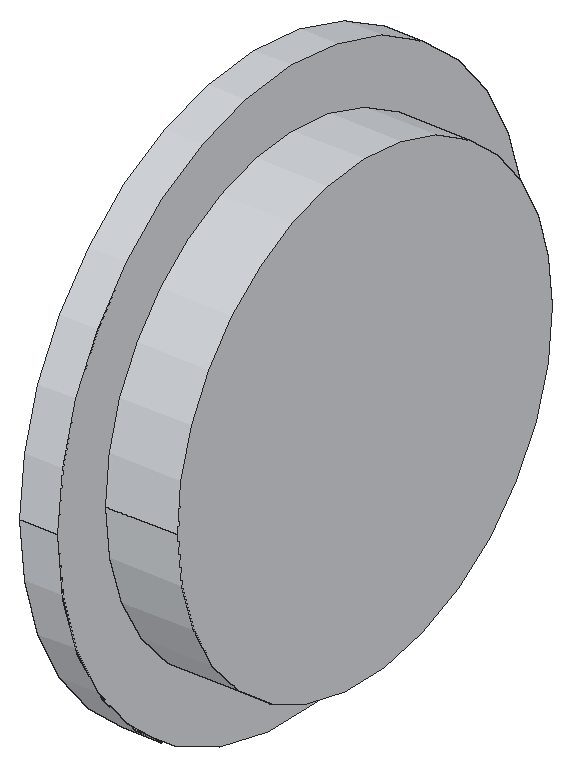
Revit family "3af0314cd4be4703b4886cec8d6dc90f", category Pipe Fittings, Revit 2021
Family settings
  Round Connector Dimension = Use Radius
  Part Type = Cap
  OmniClass Number = 23.60.30.11.14
  OmniClass Title = Pipework Fittings
  Seek Item ID = Cap - PVC - Sch 40-0000-USA-ENU
  Work Plane-Based = No
  Always vertical = Yes
  Cut with Voids When Loaded = No
  Shared = No
Parameters (values of type "Standard")
  Nominal Radius [instance] = 7.0000"
  Nominal Diameter [instance] = Nominal Radius * 2  # 14.0000"
  Loss Method = Not Defined
  Socket Outside Radius [instance] = Socket Outside Diameter / 2  # 8.0950"
  Socket Outside Diameter [instance] = size_lookup(Lookup Table Name, "SOD", 1.08 * Nominal Diameter + 1.12109", Nominal Diameter)  # 16.1900"
  Lookup Table Name = "Cap Flat - MJ - DI - Class 250"
  Length [instance] = size_lookup(Lookup Table Name, "Lgt", 0.09 * Nominal Diameter + 2.5700", Nominal Diameter)  # 3.8200"
  Gland Width [instance] = size_lookup(Lookup Table Name, "GWid", 0.03 * Nominal Diameter + 0.9400", Nominal Diameter)  # 1.3100"
  Gland Outside Radius [instance] = Gland Outside Diameter / 2  # 10.1250"
  Gland Outside Diameter [instance] = size_lookup(Lookup Table Name, "GOD", 1.16 * Nominal Diameter + 4.0300", Nominal Diameter)  # 20.2500"
  Default Elevation = 0.0000"
Reference planes (in)
  plane 1 "Center (Front/Back)": y = 0
  plane 2: z = 0
  plane 3 "Center (Left/Right)": x = 0
  plane 4: x = 3.82
  plane 5: y = 8.095
  plane 6: y = -8.095
  plane 7: x = 1.31
  plane 8: x = 2.51
Forms (in)
  Extrusion 1, solid, detail levels fine
    sketch origin (0, 0, 0) x (0, 1, 0) y (0, 0, 1)
      loop
        circle (0, 0) r 10.125
    from 0 to 1.31
  Extrusion 2, solid, detail levels fine
    sketch origin (0, 0, 0) x (0, 1, 0) y (0, 0, 1)
      loop
        circle (0, 0) r 8.095
    from 1.31 to 3.82
Cuts and joins
  joined: Extrusion 1, Extrusion 2
Lines and regions (in)
  model lines, detail levels coarse+medium
    curve 1: line (0, 8.095, 0) -> (3.82, 8.095, 0)
    curve 2: line (3.82, 8.095, 0) -> (3.82, -8.095, 0)
    curve 3: line (3.82, -8.095, 0) -> (0, -8.095, 0)
Dimensions and locks (in)
  "Socket Outside Radius": plane 1 "Center (Front/Back)" to plane 5
  "Socket Outside Radius": plane 6 to plane 1 "Center (Front/Back)"
  "Gland Width": plane 3 "Center (Left/Right)" to plane 7
  "Gland Width": plane 8 to plane 4
  "Length": plane 3 "Center (Left/Right)" to plane 4
  "Gland Outside Radius": radius of Extrusion 1 sketch curve
  "Socket Outside Radius": radius of Extrusion 2 sketch curve
  aligned and locked: curve 2 to plane 4
  aligned and locked: plane 3 "Center (Left/Right)" to curve 1
  aligned and locked: plane 3 "Center (Left/Right)" to curve 3
  aligned and locked: curve 1 to plane 5
  aligned and locked: curve 3 to plane 6
  aligned and locked: plane 1 "Center (Front/Back)" to Extrusion 1 sketch curve
  aligned and locked: plane 2 to Extrusion 1 sketch curve
  aligned and locked: Extrusion 1 to plane 3 "Center (Left/Right)"
  aligned and locked: Extrusion 1 to plane 7
  aligned and locked: Extrusion 2 to plane 7
  aligned and locked: plane 4 to Extrusion 2
  aligned and locked: plane 2 to Extrusion 2 sketch curve
  aligned and locked: plane 1 "Center (Front/Back)" to Extrusion 2 sketch curve
Connectors (in)
  piping at (0, 0, 0), diameter 14, driven by "Nominal Radius"
    settings: on Extrusion 1, index 1, connector inside diameter 14.0000", connector length 0.0000", flow factor 0, pipe flow 0 GPM, pressure drop 0.00 psi, fitting loss kfactor 0, connector angle 0.00°, fixture units 0, engagement length 0.0000", angle of deflection 0.00°, flow configuration 0, flow direction 0, fitting loss method 0, system type 28, joint type 0, gender type 0, connector reference index -1, connector utility 0, adjustable connector no, is connector primary yes, connector description ""
